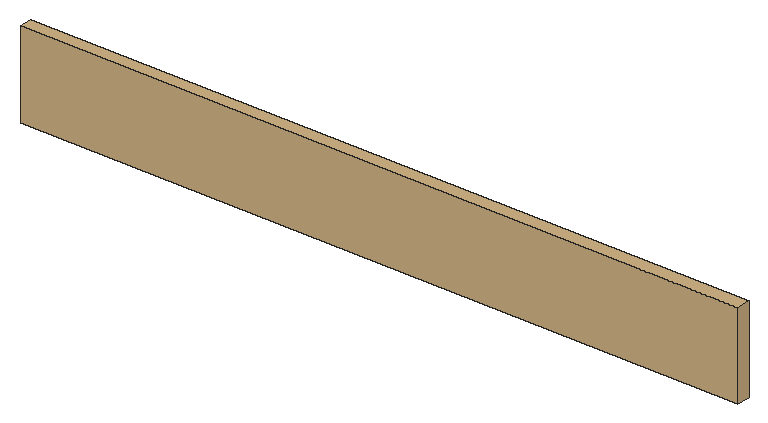
Revit family "LC Rectangular Timber", category Structural Framing, Revit 2027
Family settings
  Section Shape = Not Defined
  Material for Model Behavior = Other
  Always export as geometry = No
  Always vertical = Yes
  Cut with Voids When Loaded = No
  Symbolic Representation = From Family
  Shared = No
  Show family pre-cut in plan views = Yes
Parameters (values of type "300x45 LVL13")
  h = 300 mm
  b = 45 mm
  Length [instance] = 3000 mm
  Structural Material [instance] = LC Timber - MGP10
  Half Width = b / 2  # 22.5 mm
  Half Depth = h / 2  # 150 mm
Types (9, lengths in mm): name | h | b | Half Width | Half Depth
  90x35 MGP10 | 90 | 35 | 17.5 | 45
  90x45 timber | 90 | 45 | 22.5 | 45
  140x45 timber | 140 | 45 | 22.5 | 70
  190x45 timber | 190 | 45 | 22.5 | 95
  240x45 LVL13 | 240 | 45 | 22.5 | 120
  300x45 LVL13 | 300 | 45 | 22.5 | 150
  90x90 timber | 90 | 90 | 45 | 45
  90x35 MGP12 | 90 | 35 | 17.5 | 45
  120x35 MGP10 | 120 | 35 | 17.5 | 60
Reference planes
  plane 1 "Center (Front/Back)": y = 0
  plane 2 "Center Elevation": z = 0
  plane 3 "Center (Left/Right)": x = 0
  plane 4 "Left": x = -1500
  plane 5 "Member Left": x = -1250
  plane 6 "Stick Symbol Left": x = -1000
  plane 7 "Right": x = 1500
  plane 8 "Member Right": x = 1250
  plane 9 "Stick Symbol Right": x = 1000
  plane 10: y = 22.5
  plane 11: y = -22.5
  plane 12: z = 150
  plane 13: z = -150
Forms (mm)
  Extrusion 1, solid, material "LC Timber - MGP10", detail levels medium+fine
    sketch origin (0, 0, 0) x (0, 1, 0) y (0, 0, 1)
      loop
        line (22.5, 150) -> (-22.5, 150) -> (-22.5, -150) -> (22.5, -150) -> (22.5, 150)
    from -1250 to 1250
Lines and regions (mm)
  model lines, style "Stick Symbols", detail levels coarse
    curve 1: line (-1000, 0, 0) -> (1000, 0, 0)
Dimensions and locks
  equal spacing: plane 4 "Left", plane 3 "Center (Left/Right)", plane 7 "Right"
  "Length": plane 4 "Left" to plane 7 "Right"
  "Half Width": plane 10 to plane 1 "Center (Front/Back)"
  "Half Width": plane 1 "Center (Front/Back)" to plane 11
  "Half Depth": plane 12 to plane 2 "Center Elevation"
  "Half Depth": plane 2 "Center Elevation" to plane 13
  aligned and locked: plane 10 to Extrusion 1 sketch curve
  aligned and locked: plane 13 to Extrusion 1 sketch curve
  aligned and locked: Extrusion 1 sketch curve to plane 11
  aligned and locked: plane 5 "Member Left" to Extrusion 1
  aligned and locked: Extrusion 1 to plane 8 "Member Right"
  aligned and locked: plane 1 "Center (Front/Back)" to curve 1
  aligned and locked: plane 6 "Stick Symbol Left" to curve 1
  aligned and locked: plane 9 "Stick Symbol Right" to curve 1
  aligned and locked: level to plane 2 "Center Elevation"
Automatic sketch dimensions
  Extrusion 1 sketch curve to plane 12 = 0 mm
